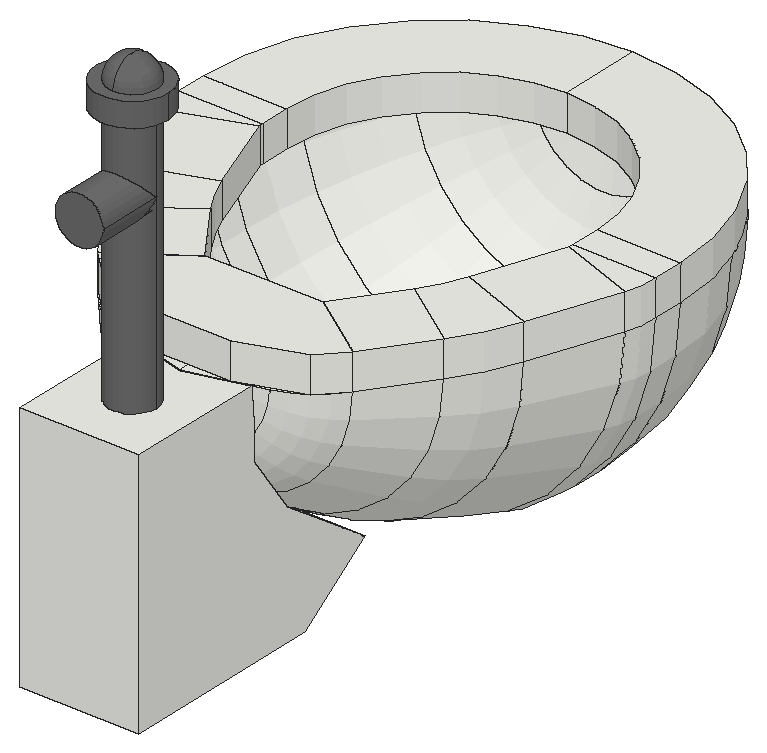
Revit family
Parameters (values of type "380mm 좌석 높이")
  장착 높이 = 380.00 mm
  파이프 재료 = 금속 - 스틸, 광택
  수조 재료 = 자기 - 아이보리색
  좌석 재료 = 래미네이티드 플라스틱 - 아이보리색, 무광
Types (2, lengths in mm): name | 장착 높이
  380mm 좌석 높이 | 380.00
  480mm 좌석 높이 | 480.00
Reference planes
  plane 1: y = 0
  plane 2: x = 404.903
  plane 3: y = 75
  plane 4: y = 812.8
  plane 5: z = 341.9
  plane 6: y = 557.6
  plane 7: y = 303.6
  plane 8: z = 380
  plane 9: z = 646.7
  plane 10: y = 145.535
  plane 11: z = 76.2
Forms (mm)
  Extrusion 1, solid, material "자기 - 아이보리색" <- "수조 재료"
    sketch origin (404.903, 0, 0) x (0, -1, 0) y (0, 0, 1)
      loop
        line (-75, 341.9) -> (-227.804, 341.9) -> (-227.804, 268.296) -> (-271.51, 205.877) -> (-375.543, 133.033) -> (-295.045, 76.2) -> (-75, 76.2) -> (-75, 341.9)
    from -63.5 to 63.5
  Extrusion 2, solid, material "금속 - 스틸, 광택" <- "파이프 재료"
    sketch origin (341.403, 75, 341.9) x (1, 0, 0) y (0, 1, 0)
      loop
        circle (63.5, 70.535) r 25.4
    from 0 to 279.4
  Extrusion 3, solid, material "금속 - 스틸, 광택" <- "파이프 재료"
    sketch origin (0, 75, 0) x (1, 0, 0) y (0, 0, 1)
      loop
        circle (404.903, 543.211) r 25.4
    from 0 to -70.644
  Extrusion 4, solid, material "금속 - 스틸, 광택" <- "파이프 재료"
    sketch origin (341.403, 75, 621.3) x (1, 0, 0) y (0, 1, 0)
      loop
        circle (63.5, 70.535) r 38.1
    from 0 to 25.4
  Revolve 5, solid, material "금속 - 스틸, 광택" <- "파이프 재료"
    sketch origin (404.903, 0, 0) x (0, -1, 0) y (0, 0, 1)
      loop
        line (-171.153, 646.7) -> (-145.535, 646.7) -> (-145.535, 672.318)
        arc (-145.535, 672.318) -> (-163.65, 664.814) -> (-171.153, 646.7) r 25.618
      axis (-145.535, 646.7) -> (-145.535, 672.318)
    angle from 0 to 360
  Revolve 6, solid, material "자기 - 아이보리색" <- "수조 재료"
    sketch origin (0, 0, 341.9) x (1, 0, 0) y (0, 1, 0)
      loop
        line (404.903, 811.6) -> (404.903, 786.2)
        arc (404.903, 786.2) -> (444.599, 782.727) -> (483.089, 772.414) r 228.6
        arc (483.089, 772.414) -> (527.73, 750.399) -> (566.548, 719.245) r 228.6
        arc (566.548, 719.245) -> (597.702, 680.427) -> (619.717, 635.786) r 228.6
        arc (619.717, 635.786) -> (630.03, 597.296) -> (633.503, 557.6) r 228.6
        line (633.503, 557.6) -> (633.503, 524.715)
        arc (633.503, 524.715) -> (632.346, 511.483) -> (628.908, 498.653) r 76.2
        line (628.908, 498.653) -> (596.636, 409.986)
        arc (596.636, 409.986) -> (581.916, 376.534) -> (562.957, 345.289) r 279.4
        line (562.957, 345.289) -> (525.073, 291.186)
        arc (525.073, 291.186) -> (500.122, 266.235) -> (468.143, 251.323) r 101.6
        line (468.143, 251.323) -> (404.903, 234.378) -> (404.903, 208.082) -> (483.647, 229.181)
        arc (483.647, 229.181) -> (515.626, 244.093) -> (540.577, 269.044) r 101.6
        line (540.577, 269.044) -> (585.681, 333.459)
        arc (585.681, 333.459) -> (604.641, 364.704) -> (619.36, 398.156) r 279.4
        line (619.36, 398.156) -> (652.776, 489.966)
        arc (652.776, 489.966) -> (657.36, 507.072) -> (658.903, 524.715) r 101.6
        line (658.903, 524.715) -> (658.903, 557.6)
        arc (658.903, 557.6) -> (655.044, 601.707) -> (643.585, 644.473) r 254
        arc (643.585, 644.473) -> (619.125, 694.074) -> (584.508, 737.205) r 254
        arc (584.508, 737.205) -> (541.377, 771.821) -> (491.776, 796.282) r 254
        arc (491.776, 796.282) -> (449.01, 807.741) -> (404.903, 811.6) r 254
      axis (404.903, 208.082) -> (404.903, 811.6)
    angle from 0 to 180
  Sweep 7, solid, material "래미네이티드 플라스틱 - 아이보리색, 무광" <- "좌석 재료"
    path origin (0, 0, 341.9) x (1, 0, 0) y (0, 1, 0)
      loop
        line (540.577, 269.044) -> (585.681, 333.459)
        arc (585.681, 333.459) -> (604.641, 364.704) -> (619.36, 398.156) r 279.4
        line (619.36, 398.156) -> (652.776, 489.966)
        arc (652.776, 489.966) -> (657.36, 507.072) -> (658.903, 524.715) r 101.6
        line (658.903, 524.715) -> (658.903, 557.6)
        arc (658.903, 557.6) -> (584.508, 737.205) -> (404.903, 811.6) r 254
        arc (404.903, 811.6) -> (225.298, 737.205) -> (150.903, 557.6) r 254
        line (150.903, 557.6) -> (150.903, 524.715)
        arc (150.903, 524.715) -> (152.447, 507.072) -> (157.03, 489.966) r 101.6
        line (157.03, 489.966) -> (190.446, 398.156)
        arc (190.446, 398.156) -> (205.166, 364.704) -> (224.125, 333.459) r 279.4
        line (224.125, 333.459) -> (269.23, 269.044)
    profile origin (0, 541.157, 441.9) x (-1, 0, 0) y (0, 0, 1)
      loop
        line (-658.903, -100) -> (-570.003, -100) -> (-570.003, -61.9) -> (-658.903, -61.9) -> (-658.903, -100)
  Extrusion 8, solid, material "래미네이티드 플라스틱 - 아이보리색, 무광" <- "좌석 재료"
    sketch origin (404.903, 557.6, 380) x (1, 0, 0) y (0, 1, 0)
      loop
        line (-62.851, -237.565) -> (-135.674, -288.556) -> (-110.723, -313.507) -> (-44.661, -337.551) -> (44.661, -337.551) -> (110.723, -313.507) -> (135.674, -288.556) -> (62.851, -237.565) -> (-62.851, -237.565)
    from 0 to -38.1
Lines and regions (mm)
  Masking region 1
    outline origin (0, 0, 0) x (1, 0, 0) y (0, 1, 0)
      loop
        arc (404.903, 811.6) -> (225.298, 737.205) -> (150.903, 557.6) r 254
        line (150.903, 557.6) -> (150.903, 524.715)
        arc (150.903, 524.715) -> (152.447, 507.072) -> (157.03, 489.966) r 101.6
        line (157.03, 489.966) -> (190.446, 398.156)
        arc (190.446, 398.156) -> (205.166, 364.704) -> (224.125, 333.459) r 279.4
        line (224.125, 333.459) -> (269.23, 269.044)
        arc (269.23, 269.044) -> (300.702, 239.888) -> (341.403, 226.322) r 101.6
        line (341.403, 226.322) -> (341.403, 75) -> (468.403, 75) -> (468.403, 226.322)
        arc (468.403, 226.322) -> (509.104, 239.888) -> (540.577, 269.044) r 101.6
        line (540.577, 269.044) -> (585.681, 333.459)
        arc (585.681, 333.459) -> (604.641, 364.704) -> (619.36, 398.156) r 279.4
        line (619.36, 398.156) -> (652.776, 489.966)
        arc (652.776, 489.966) -> (657.36, 507.072) -> (658.903, 524.715) r 101.6
        line (658.903, 524.715) -> (658.903, 557.6)
        arc (658.903, 557.6) -> (584.508, 737.205) -> (404.903, 811.6) r 254
  symbolic lines
    curve 1: arc (404.903, 722.7, 0) -> (288.16, 674.343, 0) -> (239.803, 557.6, 0) r 165.1
    curve 2: arc (570.003, 557.6, 0) -> (521.646, 674.343, 0) -> (404.903, 722.7, 0) r 165.1
    curve 3: line (570.003, 557.6, 0) -> (570.003, 524.715, 0)
    curve 4: line (569.237, 520.371, 0) -> (535.821, 428.562, 0)
    curve 5: arc (512.858, 384.45, 0) -> (525.785, 405.754, 0) -> (535.821, 428.562, 0) r 190.5
    curve 6: line (512.858, 384.45, 0) -> (467.754, 320.035, 0)
    curve 7: line (239.803, 524.715, 0) -> (239.803, 557.6, 0)
    curve 8: line (273.985, 428.562, 0) -> (240.569, 520.371, 0)
    curve 9: arc (273.985, 428.562, 0) -> (284.021, 405.754, 0) -> (296.948, 384.45, 0) r 190.5
    curve 10: line (342.052, 320.035, 0) -> (296.948, 384.45, 0)
    curve 11: arc (443.003, 145.535, 0) -> (404.903, 183.635, 0) -> (366.803, 145.535, 0) r 38.1
    curve 12: arc (366.803, 145.535, 0) -> (404.903, 107.435, 0) -> (443.003, 145.535, 0) r 38.1
    curve 13: arc (379.503, 145.535, 0) -> (404.903, 120.135, 0) -> (430.303, 145.535, 0) r 25.4
    curve 14: arc (430.303, 145.535, 0) -> (404.903, 170.935, 0) -> (379.503, 145.535, 0) r 25.4
    curve 15: line (379.288, 75, 0) -> (379.288, 117.331, 0)
    curve 16: line (430.538, 75, 0) -> (430.538, 117.349, 0)
    curve 17: arc (341.403, 227.804, 0) -> (403.903, 220.047, 0) -> (466.403, 227.804, 0) r 255.662
    curve 18: line (342.052, 320.035, 0) -> (467.754, 320.035, 0)
Text (mm)
  text "측면 배치" at (0, 1019.848, 3124.603), in view "오른쪽"
  text "측면 배치" at (0, 1206.291, 1554.205), in view "왼쪽"
Dimensions and locks
  locked: plane 3 to plane 6 at 482.6
  locked: plane 3 to plane 7 at 228.6
  "장착 높이": plane 8 to level
  locked: plane 8 to plane 5 at 38.1
  locked: plane 8 to plane 9 at 266.7
  locked: plane 3 to plane 10 at 70.535
  locked: plane 8 to plane 11 at 303.8
  aligned and locked: plane 3 to host wall
  aligned and locked: Masking region 1 sketch curve to Extrusion 1
  aligned and locked: Sweep 7 sketch curve to plane 8
  aligned and locked: plane 5 to Sweep 7 sketch curve
  aligned and locked: plane 5 to Extrusion 8
  aligned and locked: Extrusion 1 sketch curve to plane 11
Automatic sketch dimensions
  Extrusion 2 sketch curve to plane 2 = 0.00 mm
  Extrusion 2 sketch curve to Extrusion 2 sketch curve = 25.40 mm
  Extrusion 2 sketch curve to plane 3 = 70.535 mm
  Extrusion 3 sketch curve to plane 2 = 0.00 mm
  plane 2 to Extrusion 3 sketch curve = 25.40 mm
  Extrusion 3 sketch curve to plane 5 = 201.311 mm
  Extrusion 4 sketch curve to plane 2 = 0.00 mm
  Extrusion 4 sketch curve to Extrusion 4 sketch curve = 38.10 mm
  Extrusion 4 sketch curve to plane 3 = 70.535 mm
  Revolve 5 sketch curve to plane 9 = 0.00 mm
  Revolve 5 sketch curve to plane 10 = 0.00 mm  (x2)
  Revolve 5 sketch curve to Revolve 5 sketch curve = 25.618 mm
  Revolve 5 sketch curve to Revolve 5 sketch curve = 39.01 mm
  Revolve 5 sketch curve to Revolve 5 sketch curve = 25.40 mm
  Revolve 6 sketch curve to plane 2 = 0.00 mm  (x9)
  Revolve 6 sketch curve to plane 6 = 0.00 mm  (x8)
  plane 2 to Revolve 6 sketch curve = 48.093 mm
  Revolve 6 sketch curve to plane 2 = 36.944 mm
  Revolve 6 sketch curve to Revolve 6 sketch curve = 15.504 mm  (x3)
  Revolve 6 sketch curve to plane 2 = 63.24 mm
  Revolve 6 sketch curve to Revolve 6 sketch curve = 8.687 mm  (x2)
  plane 7 to Revolve 6 sketch curve = 12.414 mm
  Revolve 6 sketch curve to Revolve 6 sketch curve = 56.93 mm
  plane 7 to Revolve 6 sketch curve = 34.556 mm
  plane 6 to Revolve 6 sketch curve = 32.885 mm
  Revolve 6 sketch curve to Revolve 6 sketch curve = 101.60 mm
  Revolve 6 sketch curve to Revolve 6 sketch curve = 0.00 mm
  Revolve 6 sketch curve to Revolve 6 sketch curve = 37.884 mm
  Revolve 6 sketch curve to Revolve 6 sketch curve = 17.961 mm
  Revolve 6 sketch curve to plane 7 = 29.859 mm
  Revolve 6 sketch curve to Revolve 6 sketch curve = 22.724 mm  (x3)
  Revolve 6 sketch curve to plane 7 = 106.386 mm
  Revolve 6 sketch curve to Revolve 6 sketch curve = 33.679 mm
  Revolve 6 sketch curve to Revolve 6 sketch curve = 23.868 mm  (x2)
  Revolve 6 sketch curve to Revolve 6 sketch curve = 4.595 mm
  Revolve 6 sketch curve to Revolve 6 sketch curve = 39.863 mm
  Revolve 6 sketch curve to Revolve 6 sketch curve = 16.945 mm
  Revolve 6 sketch curve to Revolve 6 sketch curve = 22.142 mm
  Revolve 6 sketch curve to Revolve 6 sketch curve = 26.296 mm
  Revolve 6 sketch curve to Revolve 6 sketch curve = 78.186 mm
  Revolve 6 sketch curve to Revolve 6 sketch curve = 53.169 mm
  Revolve 6 sketch curve to Revolve 6 sketch curve = 105.21 mm
  Revolve 6 sketch curve to Revolve 6 sketch curve = 102.318 mm
  Revolve 6 sketch curve to Revolve 6 sketch curve = 39.332 mm
  plane 6 to Revolve 6 sketch curve = 159.444 mm
  Revolve 6 sketch curve to Revolve 6 sketch curve = 83.459 mm
  Revolve 6 sketch curve to Revolve 6 sketch curve = 29.995 mm
  Revolve 6 sketch curve to Revolve 6 sketch curve = 11.83 mm
  Sweep 7 sketch curve to plane 6 = 0.00 mm  (x2)
  Sweep 7 sketch curve to plane 2 = 0.00 mm
  plane 2 to Sweep 7 sketch curve = 48.093 mm
  plane 6 to Sweep 7 sketch curve = 32.885 mm  (x2)
  Sweep 7 sketch curve to Sweep 7 sketch curve = 104.307 mm
  Sweep 7 sketch curve to plane 7 = 29.859 mm  (x2)
  Sweep 7 sketch curve to Sweep 7 sketch curve = 45.104 mm  (x2)
  Sweep 7 sketch curve to Sweep 7 sketch curve = 33.679 mm  (x2)
  plane 6 to Sweep 7 sketch curve = 67.634 mm
  Sweep 7 sketch curve to Sweep 7 sketch curve = 33.416 mm
  Sweep 7 sketch curve to plane 2 = 48.093 mm
  Sweep 7 sketch curve to Sweep 7 sketch curve = 101.60 mm
  Sweep 7 sketch curve to Sweep 7 sketch curve = 6.127 mm
  Sweep 7 sketch curve to Sweep 7 sketch curve = 64.697 mm  (x2)
  plane 2 to Sweep 7 sketch curve = 180.778 mm
  plane 7 to Sweep 7 sketch curve = 34.556 mm  (x2)
  Sweep 7 sketch curve to plane 2 = 135.674 mm
  plane 7 to Extrusion 8 sketch curve = 34.556 mm  (x2)
  plane 2 to Extrusion 8 sketch curve = 135.674 mm
  Extrusion 8 sketch curve to Extrusion 8 sketch curve = 24.95 mm  (x4)
  Extrusion 8 sketch curve to plane 7 = 16.435 mm
  plane 2 to Extrusion 8 sketch curve = 62.851 mm
  plane 2 to Extrusion 8 sketch curve = 44.661 mm
  Extrusion 8 sketch curve to plane 2 = 44.661 mm
  Extrusion 8 sketch curve to plane 2 = 62.851 mm
  Extrusion 8 sketch curve to Extrusion 8 sketch curve = 66.062 mm
  Extrusion 8 sketch curve to Extrusion 8 sketch curve = 24.045 mm
  Masking region 1 sketch curve to Masking region 1 sketch curve = 0.00 mm
  Masking region 1 sketch curve to plane 6 = 0.00 mm
  Masking region 1 sketch curve to plane 2 = 0.00 mm
  plane 2 to Masking region 1 sketch curve = 48.093 mm
  Masking region 1 sketch curve to plane 7 = 23.719 mm  (x2)
  plane 2 to Masking region 1 sketch curve = 52.448 mm
  plane 2 to Masking region 1 sketch curve = 63.50 mm
  plane 6 to Masking region 1 sketch curve = 32.885 mm  (x2)
  Masking region 1 sketch curve to Masking region 1 sketch curve = 104.307 mm
  Masking region 1 sketch curve to plane 7 = 29.859 mm  (x2)
  Masking region 1 sketch curve to Masking region 1 sketch curve = 45.104 mm  (x2)
  Masking region 1 sketch curve to plane 7 = 94.556 mm
  Masking region 1 sketch curve to Masking region 1 sketch curve = 33.679 mm  (x2)
  Masking region 1 sketch curve to Masking region 1 sketch curve = 33.416 mm
  Masking region 1 sketch curve to Masking region 1 sketch curve = 6.127 mm
  Masking region 1 sketch curve to plane 2 = 48.093 mm
  Masking region 1 sketch curve to plane 2 = 52.448 mm
  Masking region 1 sketch curve to plane 2 = 63.50 mm
  plane 7 to Masking region 1 sketch curve = 34.556 mm
  Masking region 1 sketch curve to Masking region 1 sketch curve = 72.174 mm
  Masking region 1 sketch curve to Masking region 1 sketch curve = 101.60 mm
  plane 6 to Masking region 1 sketch curve = 67.634 mm
  Masking region 1 sketch curve to Masking region 1 sketch curve = 64.697 mm
  Masking region 1 sketch curve to Masking region 1 sketch curve = 128.33 mm
  plane 7 to Masking region 1 sketch curve = 77.278 mm
  curve 1 to curve 2 = 0.00 mm
  curve 11 to curve 13 = 0.00 mm
  curve 12 to curve 14 = 0.00 mm
  curve 7 to plane 6 = 0.00 mm
  curve 15 to host wall = 0.00 mm
  curve 14 to plane 2 = 0.00 mm
  curve 2 to plane 2 = 0.00 mm
  curve 16 to host wall = 0.00 mm
  plane 2 to curve 17 = 1.00 mm
  plane 2 to curve 13 = 25.40 mm
  plane 2 to curve 15 = 25.615 mm
  curve 11 to curve 13 = 12.70 mm
  plane 2 to curve 5 = 48.093 mm
  curve 10 to plane 7 = 16.435 mm
  plane 2 to curve 10 = 62.851 mm
  plane 2 to curve 17 = 63.50 mm
  curve 9 to curve 18 = 45.104 mm
  curve 8 to curve 10 = 22.963 mm
  plane 6 to curve 8 = 37.229 mm
  curve 8 to curve 8 = 33.416 mm
  curve 1 to curve 8 = 0.766 mm
  curve 16 to plane 2 = 25.635 mm
  curve 9 to plane 2 = 48.093 mm
  curve 17 to plane 2 = 61.50 mm
  curve 6 to plane 2 = 62.851 mm
  curve 6 to curve 5 = 45.104 mm
  curve 5 to curve 4 = 22.963 mm
  plane 6 to curve 4 = 37.229 mm
  curve 4 to curve 3 = 0.766 mm
  curve 15 to curve 15 = 42.331 mm
  plane 7 to curve 17 = 75.796 mm
  curve 18 to curve 9 = 64.416 mm
  curve 6 to curve 6 = 64.416 mm
  curve 10 to curve 8 = 44.111 mm
  curve 5 to curve 4 = 44.111 mm
  curve 17 to curve 5 = 18.008 mm
  curve 4 to curve 3 = 4.344 mm
  curve 8 to curve 7 = 4.344 mm
  Sweep 7 sketch curve to profile plane = 0.00 mm
  Sweep 7 sketch curve to profile plane = 88.90 mm
  Extrusion 1 sketch curve to plane 5 = 0.00 mm
  Extrusion 1 sketch curve to host wall = 0.00 mm
  plane 7 to Extrusion 1 sketch curve = 75.796 mm
  plane 7 to Extrusion 1 sketch curve = 32.09 mm
  plane 7 to Extrusion 1 sketch curve = 8.555 mm
  Extrusion 1 sketch curve to plane 7 = 71.943 mm
  plane 11 to Extrusion 1 sketch curve = 56.833 mm
  Extrusion 1 sketch curve to Extrusion 1 sketch curve = 72.844 mm
  plane 5 to Extrusion 1 sketch curve = 73.604 mm
